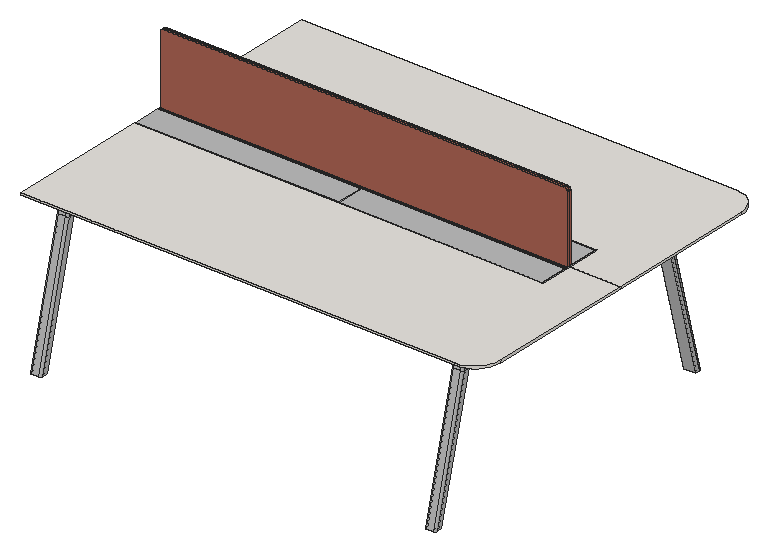
Revit family "Haworth_ActiveComponents_RectangularHalfConferenceEnd_Intuity_BUILD", category Furniture Systems, Revit 2015 (continued)
Definition of nested family "Haworth_Intuity_Utility_Tray"
  Automatic sketch dimensions
    plane 6 "Front" to Extrusion 2 sketch curve = 1.18864"
    Extrusion 2 sketch curve to plane 7 "Bottom" = 0.00903"  (x2)
    Extrusion 2 sketch curve to Extrusion 2 sketch curve = 0.05551"  (x2)
    plane 5 "Back" to Extrusion 2 sketch curve = 1.24414"
    plane 5 "Back" to Extrusion 2 sketch curve = 0.05814"
    plane 5 "Back" to Extrusion 2 sketch curve = 0.00314"
    Extrusion 2 sketch curve to plane 5 "Back" = 0.03615"
    Extrusion 2 sketch curve to Extrusion 2 sketch curve = 0.02203"
    Extrusion 2 sketch curve to Extrusion 2 sketch curve = 0.83568"
    Extrusion 3 sketch curve to plane 3 "Support Top" = 0"  (x2)
    Extrusion 3 sketch curve to plane 3 "Support Top" = 0.0475"  (x2)
    Extrusion 3 sketch curve to plane 6 "Front" = 0.89386"
    Extrusion 3 sketch curve to plane 6 "Front" = 0.05818"
    Extrusion 3 sketch curve to plane 6 "Front" = 0.03615"
    plane 6 "Front" to Extrusion 3 sketch curve = 0.00314"
    Extrusion 3 sketch curve to Extrusion 3 sketch curve = 0.055"
    Extrusion 3 sketch curve to plane 7 "Bottom" = 0.02126"  (x2)
    plane 6 "Front" to Extrusion 3 sketch curve = 1.18864"
    Extrusion 3 sketch curve to plane 7 "Bottom" = 0.00903"  (x2)
    Extrusion 3 sketch curve to Extrusion 3 sketch curve = 0.05551"  (x2)
    plane 5 "Back" to Extrusion 3 sketch curve = 1.24414"
    plane 5 "Back" to Extrusion 3 sketch curve = 0.05814"
    plane 5 "Back" to Extrusion 3 sketch curve = 0.00314"
    Extrusion 3 sketch curve to plane 5 "Back" = 0.03615"
    Extrusion 3 sketch curve to Extrusion 3 sketch curve = 0.02203"
    Extrusion 3 sketch curve to Extrusion 3 sketch curve = 0.83568"
    plane 6 "Front" to Extrusion 4 sketch curve = 0.65114"
    Extrusion 4 sketch curve to plane 7 "Bottom" = 0.0956"  (x2)
    plane 6 "Front" to Extrusion 4 sketch curve = 1.09539"
    Extrusion 4 sketch curve to plane 7 "Bottom" = 0.00903"  (x2)
    Extrusion 4 sketch curve to Extrusion 4 sketch curve = 0.14875"  (x2)
    Extrusion 4 sketch curve to Extrusion 4 sketch curve = 5/8"
    plane 5 "Back" to Extrusion 4 sketch curve = 1.72039"
    plane 5 "Back" to Extrusion 4 sketch curve = 1.24414"
    plane 5 "Back" to Extrusion 4 sketch curve = 0.65114"
    Extrusion 4 sketch curve to plane 7 "Bottom" = 0.40654"
    Extrusion 4 sketch curve to Extrusion 4 sketch curve = 0.31094"
    Extrusion 4 sketch curve to Extrusion 4 sketch curve = 1.08253"
    plane 7 "Bottom" to Extrusion 4 sketch curve = 2.68076"
    plane 6 "Front" to Extrusion 5 sketch curve = 0.65114"
    Extrusion 5 sketch curve to plane 7 "Bottom" = 0.0956"  (x2)
    plane 6 "Front" to Extrusion 5 sketch curve = 1.09539"
    Extrusion 5 sketch curve to plane 7 "Bottom" = 0.00903"  (x2)
    Extrusion 5 sketch curve to Extrusion 5 sketch curve = 0.14875"  (x2)
    Extrusion 5 sketch curve to Extrusion 5 sketch curve = 5/8"
    plane 5 "Back" to Extrusion 5 sketch curve = 1.72039"
    plane 5 "Back" to Extrusion 5 sketch curve = 1.24414"
    plane 5 "Back" to Extrusion 5 sketch curve = 0.65114"
    plane 7 "Bottom" to Extrusion 5 sketch curve = 2.68076"
    Extrusion 5 sketch curve to Extrusion 5 sketch curve = 0.31094"  (x2)
    Extrusion 5 sketch curve to Extrusion 5 sketch curve = 1.08253"
Types (4): name | Width | Total Depth | Screen Width | Description | Depth | Actual Width | Actual Screen Width | Actual Depth | Accent Plate Depth | 30 Depth | 24 Depth
  24d 72w | 72" | 51" | 72" | "Haworth Intuity - Worksurface - Rectangular Half Conference End - 24d 72w" | 19 11/16" | 81" | 71 3/4" | 25 1/2" | 25" | no | yes
  24d 60w | 60" | 51" | 60" | "Haworth Intuity - Worksurface - Rectangular Half Conference End - 24d 60w" | 19 11/16" | 69" | 59 3/4" | 25 1/2" | 25" | no | yes
  30d 60w | 60" | 63" | 60" | "Haworth Intuity - Worksurface - Rectangular Half Conference End - 30d 60w" | 25 11/16" | 69" | 59 3/4" | 31 1/2" | 37" | yes | no
  30d 72w | 72" | 63" | 72" | "Haworth Intuity - Worksurface - Rectangular Half Conference End - 30d 72w" | 25 11/16" | 81" | 71 3/4" | 31 1/2" | 37" | yes | no
